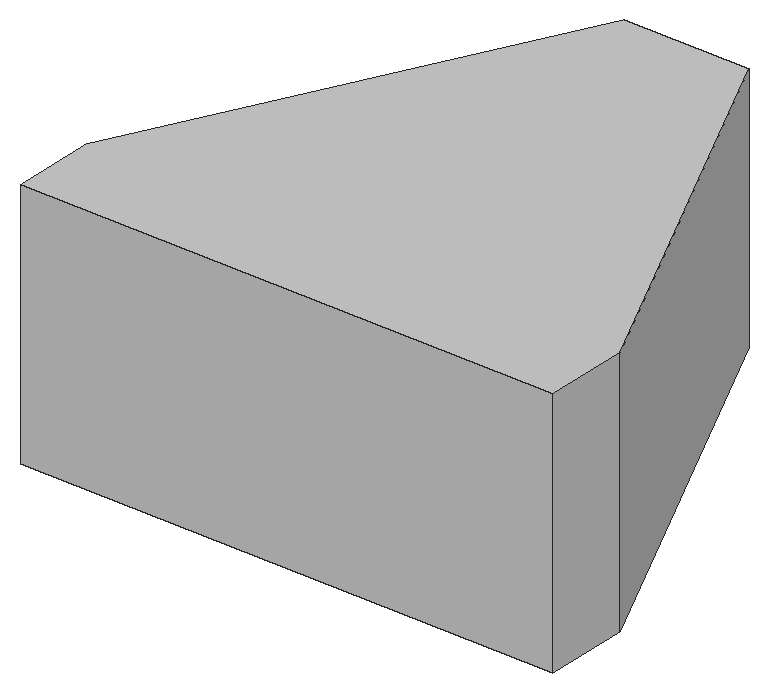
Revit family "M_Cobertura do pilar-Triangular", category Fundações estruturais, Revit 2019
Family settings
  Material para o comportamento do modelo = Concreto
  Cap = Não
  Número OmniClass = 23.25.05.11.11.27
  Título OmniClass = Pile Caps
  ID de item do Seek = Pile Cap-Triangular-0000-CAN-ENU
  Com base no plano de trabalho = Não
  Sempre na vertical = Sim
  Corte com vazios quando carregada = Não
  Compartilhado = Não
Parameters (values of type "1500 x 1600 x 750mm")
  Largura = 1600 mm
  b = 0.75 * x  # 374.625 mm
  x = 0.333 * Comprimento  # 499.5 mm
  Structural Material [instance] = Concreto, Moldado no local - Cinza
  Comprimento = 1500 mm
  Espessura da fundação = 750 mm
Reference planes
  plane 1 "Centro (Frente/Trás)": y = 0
  plane 2: z = 0
  plane 3 "Centro (Esquerda/Direita)": x = 0
  plane 4: z = -750
  plane 5: y = 1000.5
  plane 6: y = -499.5
  plane 7: x = -800
  plane 8: x = 800
  plane 9: x = -187.312
  plane 10: x = 187.313
  plane 11: y = -249.75
Forms (mm)
  Extrusion 1, solid, material "Concreto, Moldado no local - Cinza" <- "Structural Material"
    sketch origin (0, 0, 0) x (1, 0, 0) y (0, 1, 0)
      loop
        line (-800, -499.5) -> (800, -499.5) -> (800, -249.75) -> (187.313, 1000.5) -> (-187.312, 1000.5) -> (-800, -249.75) -> (-800, -499.5)
    from -750 to 0
Dimensions and locks
  "Espessura da fundação": plane 2 to plane 4
  "Comprimento": plane 6 to plane 5
  equal spacing: plane 7, plane 3 "Centro (Esquerda/Direita)", plane 8
  "Largura": plane 7 to plane 8
  plane 6 to plane 1 "Centro (Frente/Trás)" = 499.5 mm
  equal spacing: plane 9, plane 3 "Centro (Esquerda/Direita)", plane 10
  "x": plane 6 to plane 1 "Centro (Frente/Trás)"
  equal spacing: plane 6, plane 11, plane 1 "Centro (Frente/Trás)"
  "b": plane 9 to plane 10
  aligned and locked: plane 6 to Extrusion 1 sketch curve  (x2)
  aligned and locked: plane 9 to Extrusion 1 sketch curve
  aligned and locked: plane 10 to Extrusion 1 sketch curve
  aligned and locked: plane 5 to Extrusion 1 sketch curve
  aligned and locked: plane 4 to Extrusion 1
  aligned and locked: level to Extrusion 1
  aligned and locked: plane 11 to Extrusion 1 sketch curve  (x2)
  aligned and locked: Extrusion 1 sketch curve to plane 7
  aligned and locked: Extrusion 1 sketch curve to plane 8
